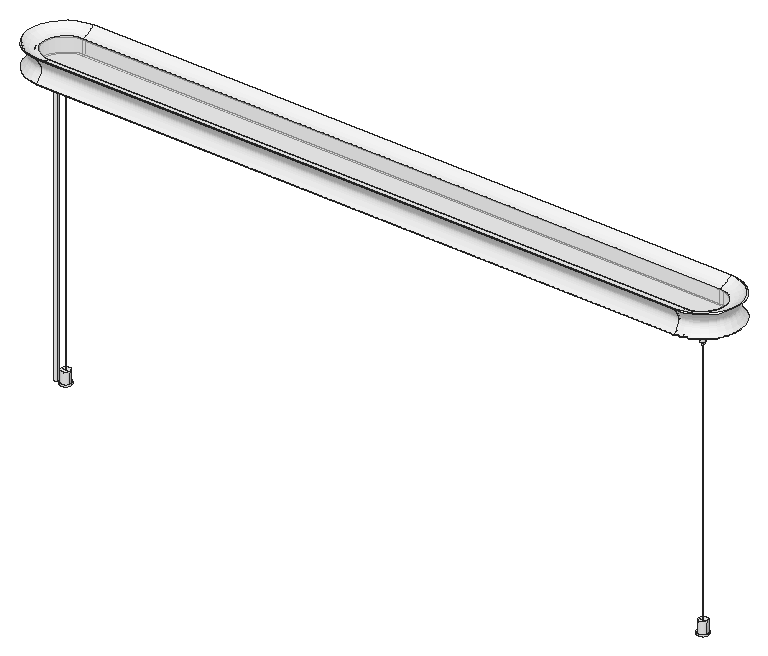
Revit family "Lighting_Outside_Focus-Lighting_Yoyo-Line---1", category Lighting Fixtures, host Face, Revit 2022
Family settings
  Host = Face
  Round Connector Dimension = Use Diameter
  Part Type = Normal
  OmniClass Number = 23.80.70.11
  OmniClass Title = Luminaries for Internal Lighting
  Cut with Voids When Loaded = No
  Light Source = Yes
  Maintain Annotation Orientation = No
  Shared = No
  Room Calculation Point = No
Parameters (values of type "Yoyo Line - 3000K - 1300mm")
  Width = 130 mm  # constant formula
  Weight - Mass = 5.30 kg
  Watts = 54 W
  Wattage = 8.07853 W
  built-in parameter 1150110 = 1 (stored number, unit not read)
  Voltage = 220 V
  Version = 1
  URL = "https://www.focus-lighting.dk/en/"
  built-in parameter 1114217 = 1 (stored number, unit not read)
  Tilt Angle = -90.00°
  built-in parameter 1150109 = 1 (stored number, unit not read)
  built-in parameter 1150134 = (empty or 0)
  built-in parameter 1150113 = 1 (stored number, unit not read)
  Product data url = "https://www.bimobject.com/focuslighting/product/yoyo-line"
  Product Page URL = "https://www.focus-lighting.dk/en/products/yoyo-line/yoyo-line-1300/"
  Product Material = Focus-Lighting - Metal - Cast Aluminium
  Product Documentation Link = "https://www.focus-lighting.dk/media/v1ia43hj/yoyo_line_productsheet_eng.pdf"
  Power Factor = 1
  Photometric Web File = "Generic Default - Select File (Matching Photometric File Name)"
  Photometric File Name = "Please, contact the manufacturer"
  Number of Poles = 1
  built-in parameter 1150142 = (empty or 0)
  Model = "Yoyo Line"  # constant formula
  Manufacturer = "Focus-Lighting"  # constant formula
  built-in parameter 1150105 = 95.493 (stored number, unit not read)
  Lumens = 1200 lm
  built-in parameter 1150115 = 1 (stored number, unit not read)
  built-in parameter 1150137 = (empty or 0)
  built-in parameter 1150139 = (empty or 0)
  Lens Material = Focus-Lighting - Acrylic - LED
  Length = 1296 mm
  built-in parameter 1150112 = 1 (stored number, unit not read)
  built-in parameter 1150114 = 1 (stored number, unit not read)
  Lamp = "LED"
  Installation Type = "Suspended on 2x stainless steel wires"  # constant formula
  built-in parameter 1150132 = 2
  built-in parameter 1150102 = (empty or 0)
  built-in parameter 1150107 = 3000 (stored number, unit not read)
  built-in parameter 1150138 = (empty or 0)
  built-in parameter 1150106 = 0.95493 (stored number, unit not read)
  Height = 49 mm  # constant formula
  Emit from Rectangle Width = 78 mm
  Emit from Rectangle Length = Length - 2 mm * 26  # 1244 mm
  Emit Shape Visible in Rendering = no
  built-in parameter 1150104 = 13.8 (stored number, unit not read)
  Dimming Lamp Color Temperature Shift = <None>
  Description = "Yoyo is an elegant line of luminaires that is ideal for office environments, conference rooms, reception areas or open spaces in general. Yoyo Line compliments the popular Yoyo family with its round luminaires for surface mounting and round pendants."  # constant formula
  Default Elevation = 1219.2 mm
  Date Updated = ""
  Date Created = "2024/12/26"  # constant formula
  Color Filter = 16777215
  built-in parameter 1114218 = 1 (stored number, unit not read)
  built-in parameter 1150133 = 10 (stored number, unit not read)
  Apparent Load = Watts / Power Factor  # 54 VA
Types (4, lengths in mm): name | Weight - Mass | Product Page URL | Length | Emit from Rectangle Length
  (no name) | 5.30 kg | "https://www.focus-lighting.dk/en/products/yoyo-line/yoyo-line-1300/" | 1296 | 1244
  Yoyo Line - 3000K - 1300mm | 5.30 kg | "https://www.focus-lighting.dk/en/products/yoyo-line/yoyo-line-1300/" | 1296 | 1244
  Yoyo Line - 3000K - 1900mm | 7.40 kg | "https://www.focus-lighting.dk/en/products/yoyo-line/yoyo-line-1900/" | 1884 | 1832
  Yoyo Line - 3000K - 2500mm | 9.50 kg | "https://www.focus-lighting.dk/en/products/yoyo-line/yoyo-line-1300/" | 2472 | 2420
Reference planes
  plane 1 "Center (Front/Back)": y = 0
  plane 2: z = 0
  plane 3 "Center (Left/Right)": x = 0
  plane 4: x = -648
  plane 5: x = 648
  plane 6: y = 65
  plane 7: y = -65
  plane 8: x = -583
  plane 9: x = 583
Forms (mm)
  Sweep 1, solid, material "Focus-Lighting - Metal - Cast Aluminium" <- "Product Material", detail levels medium+fine
    path origin (0, 0, 0) x (1, 0, 0) y (0, 1, 0)
      loop
        arc (-583, 39) -> (-622, 0) -> (-583, -39) r 39
        line (-583, -39) -> (583, -39)
        arc (583, -39) -> (622, 0) -> (583, 39) r 39
        line (583, 39) -> (-583, 39)
    profile origin (0, 39, 0) x (0, 1, 0) y (0, 0, 1)
      loop
        line (25.969, 558.028) -> (24.529, 559.328)
        arc (24.529, 559.328) -> (13.422, 551.109) -> (-0.008, 547.859) r 34.807
        line (-0.008, 547.859) -> (-0.008, 546.54) -> (5.579, 546.54) -> (5.579, 509.669) -> (20.342, 518.54) -> (21.708, 518.54) -> (24.529, 516.724) -> (25.969, 518.024)
        spline (25.969, 518.024) -> (23.425, 521.014) -> (20.831, 524.671) -> (18.376, 528.484) -> (16.598, 531.74) -> (15.591, 534.343) -> (14.992, 536.844) -> (14.949, 539.407) -> (15.686, 542.093) -> (17.084, 545.158) -> (19.108, 548.7) -> (21.873, 552.819) -> (25.969, 558.028)
  Extrusion 2, solid, material "Focus-Lighting - Acrylic - LED" <- "Lens Material"
    sketch origin (0, 0, 0) x (1, 0, 0) y (0, 1, 0)
      loop
        arc (-583, 38.992) -> (-621.992, 0) -> (-583, -38.992) r 38.992
        line (-583, -38.992) -> (583, -38.992)
        arc (583, -38.992) -> (621.992, 0) -> (583, 38.992) r 38.992
        line (583, 38.992) -> (-583, 38.992)
    from 518.54 to 547.859
  Extrusion 3, solid, material "Focus-Lighting - Metal - Cast Aluminium" <- "Product Material", detail levels medium+fine
    sketch origin (0, 0, 0) x (1, 0, 0) y (0, 1, 0)
      loop
        arc (583, -44.579) -> (627.579, 0) -> (583, 44.579) r 44.579
        line (583, 44.579) -> (-583, 44.579)
        arc (-583, 44.579) -> (-627.579, 0) -> (-583, -44.579) r 44.579
        line (-583, -44.579) -> (583, -44.579)
    from 509.669 to 518.54
  Revolve 4, solid, material "Focus-Lighting - Metal - Cast Aluminium" <- "Product Material", detail levels medium+fine
    sketch origin (0, 0, 0) x (1, 0, 0) y (0, 0, 1)
      loop
        line (-582.509, 22) -> (-582.509, 474) -> (-581, 474) -> (-581, 479) -> (-578.509, 479) -> (-578.509, 507) -> (-577.567, 507) -> (-577.567, 509.669) -> (-583, 509.669) -> (-583, 0) -> (-573.015, 0) -> (-573.015, 2) -> (-575.053, 2) -> (-575.053, 22) -> (-582.509, 22)
      axis (-583, 509.669) -> (-583, 0)
    angle from 0 to 360
  Revolve 5, solid, material "Focus-Lighting - Metal - Cast Aluminium" <- "Product Material", detail levels medium+fine
    sketch origin (0, 0, 0) x (-1, 0, 0) y (0, 0, -1)
      loop
        line (-582.509, -22) -> (-575.053, -22) -> (-575.053, -2) -> (-573.015, -2) -> (-573.015, 0) -> (-583, 0) -> (-583, -509.669) -> (-577.567, -509.669) -> (-577.567, -507) -> (-578.509, -507) -> (-578.509, -479) -> (-581, -479) -> (-581, -474) -> (-582.509, -474) -> (-582.509, -22)
      axis (-583, -509.669) -> (-583, 0)
    angle from 0 to 360
  Extrusion 6, solid, material "Focus-Lighting - Metal - Cast Aluminium" <- "Product Material", detail levels medium+fine
    sketch origin (0, 0, 0) x (1, 0, 0) y (0, 1, 0)
      loop
        circle (-600.635, -0.059) r 3.773
    from 0 to 509.775
  Extrusion 7, solid, material "Focus-Lighting - Metal - Cast Aluminium" <- "Product Material", detail levels coarse
    sketch origin (0, 0, 0) x (1, 0, 0) y (0, 1, 0)
      loop
        arc (-582.762, 64.669) -> (-647.431, 0) -> (-582.762, -64.669) r 64.669
        line (-582.762, -64.669) -> (582.762, -64.669)
        arc (582.762, -64.669) -> (647.431, 0) -> (582.762, 64.669) r 64.669
        line (582.762, 64.669) -> (-582.762, 64.669)
      loop
        line (583, 38.992) -> (-583, 38.992)
        arc (-583, 38.992) -> (-621.992, 0) -> (-583, -38.992) r 38.992
        line (-583, -38.992) -> (583, -38.992)
        arc (583, -38.992) -> (621.992, 0) -> (583, 38.992) r 38.992
    from 509.669 to 559.328
  Extrusion 8, solid, material "Focus-Lighting - Metal - Cast Aluminium" <- "Product Material", detail levels coarse
    sketch origin (0, 0, 0) x (1, 0, 0) y (0, 1, 0)
      loop
        line (583, 38.992) -> (-583, 38.992)
        arc (-583, 38.992) -> (-621.992, 0) -> (-583, -38.992) r 38.992
        line (-583, -38.992) -> (583, -38.992)
        arc (583, -38.992) -> (621.992, 0) -> (583, 38.992) r 38.992
    from 509.669 to 518.54
  Extrusion 9, solid, material "Focus-Lighting - Metal - Cast Aluminium" <- "Product Material", detail levels coarse
    sketch origin (0, 0, 0) x (1, 0, 0) y (0, 1, 0)
      loop
        circle (-583, 0) r 9.985
      loop
        circle (583, 0) r 9.985
    from 0 to 509.669
Cuts and joins
  joined: Sweep 1, Extrusion 3
  joined: Extrusion 7, Extrusion 8
Lines and regions (mm)
  Masking region 1
    outline origin (0, 0, 0) x (1, 0, 0) y (0, 1, 0)
      loop
        line (582.762, 64.669) -> (-582.762, 64.669)
        arc (-582.762, 64.669) -> (-647.431, 0) -> (-582.762, -64.669) r 64.669
        line (-582.762, -64.669) -> (582.762, -64.669)
        arc (582.762, -64.669) -> (647.431, 0) -> (582.762, 64.669) r 64.669
  symbolic lines, detail levels medium+fine
    curve 1: line (-583, 38.992, 0) -> (583, 38.992, 0)
    curve 2: line (583, -38.992, 0) -> (-583, -38.992, 0)
    curve 3: arc (-583, -38.992, 0) -> (-621.992, 0, 0) -> (-583, 38.992, 0) r 38.992
    curve 4: arc (583, 38.992, 0) -> (621.992, 0, 0) -> (583, -38.992, 0) r 38.992
Dimensions and locks
  equal spacing: plane 4, plane 3 "Center (Left/Right)", plane 5
  equal spacing: plane 6, plane 1 "Center (Front/Back)", plane 7
  "Length": plane 4 to plane 5
  "Width": plane 6 to plane 7
  locked: plane 4 to Sweep 1 sketch curve at 65
  locked: Sweep 1 sketch curve to plane 5 at 65
  locked: plane 4 to plane 8 at 65
  locked: plane 9 to plane 5 at 65
  locked: plane 4 to Extrusion 6 sketch curve at 47.365
  locked: plane 4 to Extrusion 7 sketch curve at 65.238
  locked: Extrusion 7 sketch curve to plane 5 at 65.238
  locked: plane 8 to Extrusion 9 sketch curve
  locked: plane 9 to Extrusion 9 sketch curve
  aligned and locked: plane 2 to host face
  aligned and locked: level to host face
  aligned and locked: Extrusion 2 sketch curve to Sweep 1  (x2)
  aligned and locked: Extrusion 2 to Sweep 1
  aligned and locked: Sweep 1 to Extrusion 2
  aligned and locked: Extrusion 3 to Sweep 1  (x2)
  aligned and locked: plane 8 to Revolve 4 sketch curve
  aligned and locked: Revolve 5 sketch curve to plane 9
  aligned and locked: Extrusion 7 sketch curve to Extrusion 2  (x2)
  aligned and locked: Extrusion 7 to cut or joined group of Sweep 1, Extrusion 3  (x2)
  aligned and locked: Extrusion 8 sketch curve to Extrusion 2  (x2)
  aligned and locked: Extrusion 8 to Extrusion 2
  aligned and locked: cut or joined group of Sweep 1, Extrusion 3 to Extrusion 8
  aligned and locked: Extrusion 9 to cut or joined group of Sweep 1, Extrusion 3
  aligned and locked: Masking region 1 sketch curve to cut or joined group of Extrusion 7, Extrusion 8  (x2)
  aligned and locked: curve 3 to cut or joined group of Extrusion 7, Extrusion 8
  aligned and locked: curve 4 to cut or joined group of Extrusion 7, Extrusion 8
Automatic sketch dimensions
  host sketch curve to host sketch curve = 2438.4 mm  (x2)
  plane 1 "Center (Front/Back)" to Sweep 1 sketch curve = 0 mm
  Sweep 1 sketch curve to plane 7 = 26 mm
  profile plane to Sweep 1 sketch curve = 1.317 mm
  profile plane to Sweep 1 sketch curve = 0.008 mm
  Sweep 1 sketch curve to profile plane = 5.579 mm
  Sweep 1 sketch curve to Sweep 1 sketch curve = 14.764 mm
  Sweep 1 sketch curve to Sweep 1 sketch curve = 1.365 mm
  Sweep 1 sketch curve to Sweep 1 sketch curve = 2.821 mm
  Sweep 1 sketch curve to Sweep 1 sketch curve = 18.95 mm
  Sweep 1 sketch curve to Sweep 1 sketch curve = 1.441 mm
  level to Sweep 1 sketch curve = 509.669 mm
  Sweep 1 sketch curve to Sweep 1 sketch curve = 7.054 mm
  Sweep 1 sketch curve to Sweep 1 sketch curve = 1.3 mm  (x2)
  Sweep 1 sketch curve to Sweep 1 sketch curve = 1.816 mm
  Sweep 1 sketch curve to Sweep 1 sketch curve = 28 mm
  Sweep 1 sketch curve to Sweep 1 sketch curve = 1.319 mm
  Sweep 1 sketch curve to Sweep 1 sketch curve = 11.488 mm
  Extrusion 3 sketch curve to plane 8 = 0 mm
  Extrusion 3 sketch curve to plane 9 = 0 mm
  plane 1 "Center (Front/Back)" to Extrusion 3 sketch curve = 0 mm
  Extrusion 3 sketch curve to plane 7 = 20.421 mm
  plane 8 to Revolve 4 sketch curve = 0 mm
  Revolve 4 sketch curve to level = 0 mm  (x2)
  Revolve 4 sketch curve to plane 8 = 0.491 mm
  Revolve 4 sketch curve to plane 8 = 2 mm
  Revolve 4 sketch curve to Revolve 4 sketch curve = 2.491 mm
  Revolve 4 sketch curve to Revolve 4 sketch curve = 0.943 mm
  Revolve 4 sketch curve to Revolve 4 sketch curve = 7.456 mm
  Revolve 4 sketch curve to Revolve 4 sketch curve = 2.038 mm
  Revolve 4 sketch curve to Revolve 4 sketch curve = 2 mm
  Revolve 4 sketch curve to Revolve 4 sketch curve = 20 mm
  Revolve 4 sketch curve to Revolve 4 sketch curve = 452 mm
  Revolve 4 sketch curve to Revolve 4 sketch curve = 5 mm
  Revolve 4 sketch curve to Revolve 4 sketch curve = 28 mm
  Revolve 4 sketch curve to Revolve 4 sketch curve = 2.669 mm
  Revolve 4 sketch curve to Revolve 4 sketch curve = 0 mm
  Revolve 5 sketch curve to level = 0 mm  (x2)
  Revolve 5 sketch curve to plane 9 = 0 mm
  Revolve 5 sketch curve to plane 9 = 0.491 mm
  Revolve 5 sketch curve to plane 9 = 2 mm
  Revolve 5 sketch curve to Revolve 5 sketch curve = 2.491 mm
  Revolve 5 sketch curve to Revolve 5 sketch curve = 0.943 mm
  Revolve 5 sketch curve to Revolve 5 sketch curve = 7.456 mm
  Revolve 5 sketch curve to Revolve 5 sketch curve = 2.038 mm
  level to Revolve 5 sketch curve = 2 mm
  Revolve 5 sketch curve to Revolve 5 sketch curve = 20 mm
  Revolve 5 sketch curve to Revolve 5 sketch curve = 452 mm
  Revolve 5 sketch curve to Revolve 5 sketch curve = 5 mm
  Revolve 5 sketch curve to Revolve 5 sketch curve = 28 mm
  Revolve 5 sketch curve to Revolve 5 sketch curve = 2.669 mm
  Revolve 5 sketch curve to Revolve 5 sketch curve = 0 mm
  plane 1 "Center (Front/Back)" to Extrusion 6 sketch curve = 0.059 mm
  plane 1 "Center (Front/Back)" to Extrusion 7 sketch curve = 0 mm
  Extrusion 7 sketch curve to plane 7 = 0.331 mm
  plane 1 "Center (Front/Back)" to Extrusion 9 sketch curve = 0 mm  (x2)
  radius of Extrusion 6 sketch curve = 3.773 mm
  radius of Extrusion 9 sketch curve = 9.985 mm  (x2)
Connectors
  electrical at (-600.625, 0, 509.669), driven by "Number of Poles", driven by "Voltage", driven by "Apparent Load", driven by "Power Factor"
    settings: on Extrusion 7, index 1, voltage 220 V, apparent load 54 VA, apparent load phase1 0 VA, apparent load phase2 0 VA, apparent load phase3 0 VA, power factor 1, load classification "Lighting", number of poles 1, system type 30, power factor state 1, is connector primary yes, connector utility no, sub classification motor no, connector description "Power Supply"
